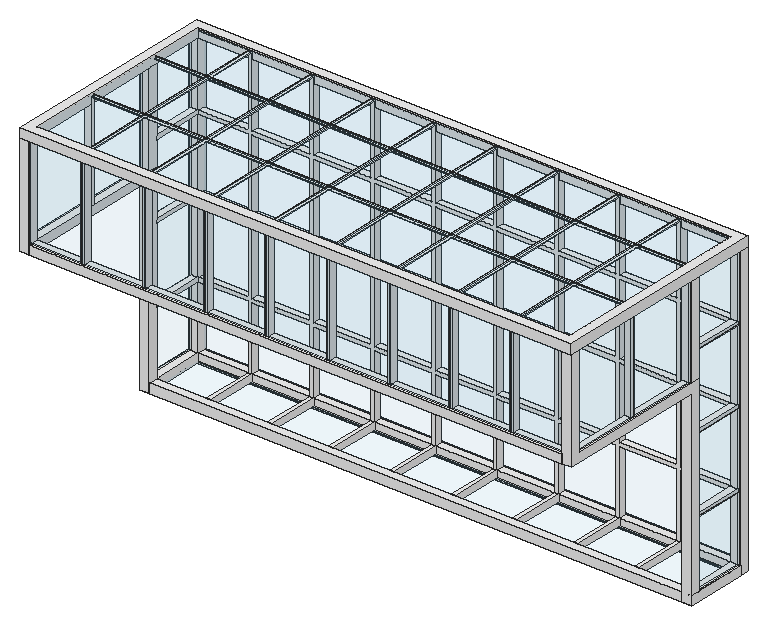
Revit family
Parameters (values of type "Skylight-2")
  창프레임 = ""
  창철물 = ""
  창유리/마감 = ""
  창위치/개소 = ""
  창부호 = "15/ACW"
  창번호 = "15"
  창기호 = "ACW"
  Width = 9000 mm
  유리 = 유리
  프레임 = 프레임(1)
  Assembly Code = ""
Reference planes
  plane 1 "중심(앞/뒤)": y = 1350
  plane 2: z = -3100
  plane 3 "중심(왼쪽/오른쪽)": x = 0
  plane 4: x = 4500
  plane 5: x = -4500
  plane 6: y = -1100
  plane 7: y = 2500
  plane 8: z = 1800
  plane 9: x = -3500
  plane 10: x = -2500
  plane 11: x = -1500
  plane 12: x = -500
  plane 13: x = 500
  plane 14: x = 1500
  plane 15: x = 2500
  plane 16: x = 3500
  plane 17: z = 575
  plane 18: z = -650
  plane 19: z = -1875
  plane 20: y = 1470
  plane 21: y = 200
  plane 22: y = -950
  plane 23: y = 2350
  plane 24: y = 1500
  plane 25: y = 1440
  plane 26: y = 230
  plane 27: y = 170
  plane 28: y = -950
  plane 29: x = -4350
  plane 30: x = -3530
  plane 31: x = -3470
  plane 32: x = -2530
  plane 33: x = -2470
  plane 34: x = -1530
  plane 35: x = -1470
  plane 36: x = -530
  plane 37: x = -470
  plane 38: x = 470
  plane 39: x = 530
  plane 40: x = 1470
  plane 41: x = 1530
  plane 42: x = 2530
  plane 43: x = 2470
  plane 44: x = 3530
  plane 45: x = 3470
  plane 46: x = 4350
  plane 47: z = 1750
  plane 48: z = -2950
  plane 49: z = 605
  plane 50: z = 545
  plane 51: z = -620
  plane 52: z = -680
  plane 53: z = -1845
  plane 54: z = -1905
  plane 55: z = 1785
  plane 56: z = 1760
  plane 57: y = 2485
  plane 58: y = 2460
  plane 59: x = 4485
  plane 60: x = 4460
  plane 61: y = -1085
  plane 62: y = -1060
  plane 63: x = 4350
  plane 64: x = -4350
  plane 65: x = -4485
  plane 66: x = -4460
Forms (mm)
  Sweep 1, solid, material "프레임(1)" <- "프레임"
    path origin (0, 0, 0) x (1, 0, 0) y (0, 1, 0)
      loop
        line (-4500, -1100) -> (4500, -1100) -> (4500, 2500) -> (-4500, 2500) -> (-4500, -1100)
    profile origin (0, -1100, 0) x (0, 1, 0) y (0, 0, 1)
      loop
        line (-0.578, 1800) -> (-0.578, 1650) -> (149.422, 1650) -> (149.422, 1800) -> (-0.578, 1800)
  Extrusion 2, solid, material "프레임(1)" <- "프레임"
    sketch origin (4267.2, 2500.578, 1750) x (1, 0, 0) y (0, -1, 0)
      loop
        line (-7797.2, 150) -> (-7737.2, 150) -> (-7737.2, 1000.578) -> (-6797.2, 1000.578) -> (-6797.2, 150) -> (-6737.2, 150) -> (-6737.2, 1000.578) -> (-5797.2, 1000.578) -> (-5797.2, 150) -> (-5737.2, 150) -> (-5737.2, 1000.578) -> (-4797.2, 1000.578) -> (-4797.2, 150) -> (-4737.2, 150) -> (-4737.2, 1000.578) -> (-3797.2, 1000.578) -> (-3797.2, 150) -> (-3737.2, 150) -> (-3737.2, 1000.578) -> (-2797.2, 1000.578) -> (-2797.2, 150) -> (-2737.2, 150) -> (-2737.2, 1000.578) -> (-1797.2, 1000.578) -> (-1797.2, 150) -> (-1737.2, 150) -> (-1737.2, 1000.578) -> (-797.2, 1000.578) -> (-797.2, 150) -> (-737.2, 150) -> (-737.2, 1000.578) -> (83.378, 1000.578) -> (83.378, 1060.578) -> (-737.2, 1060.578) -> (-737.2, 2270.578) -> (83.378, 2270.578) -> (83.378, 2330.578) -> (-737.2, 2330.578) -> (-737.2, 3451.156) -> (-797.2, 3451.156) -> (-797.2, 2330.578) -> (-1737.2, 2330.578) -> (-1737.2, 3451.156) -> (-1797.2, 3451.156) -> (-1797.2, 2330.578) -> (-2737.2, 2330.578) -> (-2737.2, 3451.156) -> (-2797.2, 3451.156) -> (-2797.2, 2330.578) -> (-3737.2, 2330.578) -> (-3737.2, 3451.156) -> (-3797.2, 3451.156) -> (-3797.2, 2330.578) -> (-4737.2, 2330.578) -> (-4737.2, 3451.156) -> (-4797.2, 3451.156) -> (-4797.2, 2330.578) -> (-5737.2, 2330.578) -> (-5737.2, 3451.156) -> (-5797.2, 3451.156) -> (-5797.2, 2330.578) -> (-6737.2, 2330.578) -> (-6737.2, 3451.156) -> (-6797.2, 3451.156) -> (-6797.2, 2330.578) -> (-7737.2, 2330.578) -> (-7737.2, 3451.156) -> (-7797.2, 3451.156) -> (-7797.2, 2330.578) -> (-8617.778, 2330.578) -> (-8617.778, 2270.578) -> (-7797.2, 2270.578) -> (-7797.2, 1060.578) -> (-8617.778, 1060.578) -> (-8617.778, 1000.578) -> (-7797.2, 1000.578) -> (-7797.2, 150)
      loop
        line (-6797.2, 2270.578) -> (-7737.2, 2270.578) -> (-7737.2, 1060.578) -> (-6797.2, 1060.578) -> (-6797.2, 2270.578)
      loop
        line (-5797.2, 2270.578) -> (-6737.2, 2270.578) -> (-6737.2, 1060.578) -> (-5797.2, 1060.578) -> (-5797.2, 2270.578)
      loop
        line (-4797.2, 2270.578) -> (-5737.2, 2270.578) -> (-5737.2, 1060.578) -> (-4797.2, 1060.578) -> (-4797.2, 2270.578)
      loop
        line (-3797.2, 2270.578) -> (-4737.2, 2270.578) -> (-4737.2, 1060.578) -> (-3797.2, 1060.578) -> (-3797.2, 2270.578)
      loop
        line (-2797.2, 2270.578) -> (-3737.2, 2270.578) -> (-3737.2, 1060.578) -> (-2797.2, 1060.578) -> (-2797.2, 2270.578)
      loop
        line (-1797.2, 2270.578) -> (-2737.2, 2270.578) -> (-2737.2, 1060.578) -> (-1797.2, 1060.578) -> (-1797.2, 2270.578)
      loop
        line (-797.2, 2270.578) -> (-1737.2, 2270.578) -> (-1737.2, 1060.578) -> (-797.2, 1060.578) -> (-797.2, 2270.578)
    from 0 to -10
  Sweep 3, solid, material "프레임(1)" <- "프레임"
    path origin (17974.584, 2500, 2900) x (1, 0, 0) y (0, 0, 1)
      loop
        line (-13474.006, -1150) -> (-13474.006, -6000) -> (-22475.161, -6000) -> (-22475.161, -1150)
    profile origin (4500.578, 2500, -675) x (0, -1, 0) y (1, 0, 0)
      loop
        line (-0.578, 0) -> (-0.578, -150) -> (149.422, -150) -> (149.422, 0) -> (-0.578, 0)
  Extrusion 4, solid, material "프레임(1)" <- "프레임"
    sketch origin (17974.584, 2500, 2900) x (1, 0, 0) y (0, 0, 1)
      loop
        line (-22325.161, -2354.422) -> (-21504.584, -2354.422) -> (-21504.584, -3519.422) -> (-22325.161, -3519.422) -> (-22325.161, -3579.422) -> (-21504.584, -3579.422) -> (-21504.584, -4744.422) -> (-22325.161, -4744.422) -> (-22325.161, -4804.422) -> (-21504.584, -4804.422) -> (-21504.584, -5850) -> (-21444.584, -5850) -> (-21444.584, -4804.422) -> (-20504.584, -4804.422) -> (-20504.584, -5850) -> (-20444.584, -5850) -> (-20444.584, -4804.422) -> (-19504.584, -4804.422) -> (-19504.584, -5850) -> (-19444.584, -5850) -> (-19444.584, -4804.422) -> (-18504.584, -4804.422) -> (-18504.584, -5850) -> (-18444.584, -5850) -> (-18444.584, -4804.422) -> (-17504.584, -4804.422) -> (-17504.584, -5850) -> (-17444.584, -5850) -> (-17444.584, -4804.422) -> (-16504.584, -4804.422) -> (-16504.584, -5850) -> (-16444.584, -5850) -> (-16444.584, -4804.422) -> (-15504.584, -4804.422) -> (-15504.584, -5850) -> (-15444.584, -5850) -> (-15444.584, -4804.422) -> (-14504.584, -4804.422) -> (-14504.584, -5850) -> (-14444.584, -5850) -> (-14444.584, -4804.422) -> (-13624.006, -4804.422) -> (-13624.006, -4744.422) -> (-14444.584, -4744.422) -> (-14444.584, -3579.422) -> (-13624.006, -3579.422) -> (-13624.006, -3519.422) -> (-14444.584, -3519.422) -> (-14444.584, -2354.422) -> (-13624.006, -2354.422) -> (-13624.006, -2295) -> (-14444.584, -2295) -> (-14444.584, -1148.844) -> (-14504.584, -1148.844) -> (-14504.584, -2294.422) -> (-15444.584, -2294.422) -> (-15444.584, -1148.844) -> (-15504.584, -1148.844) -> (-15504.584, -2294.422) -> (-16444.584, -2294.422) -> (-16444.584, -1148.844) -> (-16504.584, -1148.844) -> (-16504.584, -2294.422) -> (-17444.584, -2294.422) -> (-17444.584, -1148.844) -> (-17504.584, -1148.844) -> (-17504.584, -2294.422) -> (-18444.584, -2294.422) -> (-18444.584, -1148.844) -> (-18504.584, -1148.844) -> (-18504.584, -2294.422) -> (-19444.584, -2294.422) -> (-19444.584, -1148.844) -> (-19504.584, -1148.844) -> (-19504.584, -2294.422) -> (-20444.584, -2294.422) -> (-20444.584, -1148.844) -> (-20504.584, -1148.844) -> (-20504.584, -2294.422) -> (-21444.584, -2294.422) -> (-21444.584, -1148.844) -> (-21504.584, -1148.844) -> (-21504.584, -2294.422) -> (-22325.161, -2294.422) -> (-22325.161, -2354.422)
      loop
        line (-15444.584, -4744.422) -> (-14504.584, -4744.422) -> (-14504.584, -3579.422) -> (-15444.584, -3579.422) -> (-15444.584, -4744.422)
      loop
        line (-16444.584, -4744.422) -> (-15504.584, -4744.422) -> (-15504.584, -3579.422) -> (-16444.584, -3579.422) -> (-16444.584, -4744.422)
      loop
        line (-17444.584, -4744.422) -> (-16504.584, -4744.422) -> (-16504.584, -3579.422) -> (-17444.584, -3579.422) -> (-17444.584, -4744.422)
      loop
        line (-18444.584, -4744.422) -> (-17504.584, -4744.422) -> (-17504.584, -3579.422) -> (-18444.584, -3579.422) -> (-18444.584, -4744.422)
      loop
        line (-19444.584, -4744.422) -> (-18504.584, -4744.422) -> (-18504.584, -3579.422) -> (-19444.584, -3579.422) -> (-19444.584, -4744.422)
      loop
        line (-20444.584, -4744.422) -> (-19504.584, -4744.422) -> (-19504.584, -3579.422) -> (-20444.584, -3579.422) -> (-20444.584, -4744.422)
      loop
        line (-21444.584, -4744.422) -> (-20504.584, -4744.422) -> (-20504.584, -3579.422) -> (-21444.584, -3579.422) -> (-21444.584, -4744.422)
      loop
        line (-21444.584, -3519.422) -> (-20504.584, -3519.422) -> (-20504.584, -2354.422) -> (-21444.584, -2354.422) -> (-21444.584, -3519.422)
      loop
        line (-20444.584, -3519.422) -> (-19504.584, -3519.422) -> (-19504.584, -2354.422) -> (-20444.584, -2354.422) -> (-20444.584, -3519.422)
      loop
        line (-19444.584, -3519.422) -> (-18504.584, -3519.422) -> (-18504.584, -2354.422) -> (-19444.584, -2354.422) -> (-19444.584, -3519.422)
      loop
        line (-18444.584, -3519.422) -> (-17504.584, -3519.422) -> (-17504.584, -2354.422) -> (-18444.584, -2354.422) -> (-18444.584, -3519.422)
      loop
        line (-17444.584, -3519.422) -> (-16504.584, -3519.422) -> (-16504.584, -2354.422) -> (-17444.584, -2354.422) -> (-17444.584, -3519.422)
      loop
        line (-16444.584, -3519.422) -> (-15504.584, -3519.422) -> (-15504.584, -2354.422) -> (-16444.584, -2354.422) -> (-16444.584, -3519.422)
      loop
        line (-15444.584, -3519.422) -> (-14504.584, -3519.422) -> (-14504.584, -2354.422) -> (-15444.584, -2354.422) -> (-15444.584, -3519.422)
    from 40 to 150
  Extrusion 5, solid, material "유리" <- "유리"
    sketch origin (4267.2, 2500.578, 1650) x (1, 0, 0) y (0, -1, 0)
      loop
        line (-7767.2, 1030.578) -> (-8617.778, 1030.578) -> (-8617.778, 150.578) -> (-7767.2, 150.578) -> (-7767.2, 1030.578)
    from -135 to -110
  Extrusion 6, solid, material "유리" <- "유리"
    sketch origin (5147.778, -2500.578, 1650) x (-1, 0, 0) y (0, 1, 0)
      loop
        line (7647.778, 3970.578) -> (8647.778, 3970.578) -> (8647.778, 4850.578) -> (7647.778, 4850.578) -> (7647.778, 3970.578)
    from -135 to -110
  Extrusion 7, solid, material "유리" <- "유리"
    sketch origin (6147.778, -2500.578, 1650) x (-1, 0, 0) y (0, 1, 0)
      loop
        line (7647.778, 3970.578) -> (8647.778, 3970.578) -> (8647.778, 4850.578) -> (7647.778, 4850.578) -> (7647.778, 3970.578)
    from -135 to -110
  Extrusion 8, solid, material "유리" <- "유리"
    sketch origin (7147.778, -2500.578, 1650) x (-1, 0, 0) y (0, 1, 0)
      loop
        line (7647.778, 3970.578) -> (8647.778, 3970.578) -> (8647.778, 4850.578) -> (7647.778, 4850.578) -> (7647.778, 3970.578)
    from -135 to -110
  Extrusion 9, solid, material "유리" <- "유리"
    sketch origin (8147.778, -2500.578, 1650) x (-1, 0, 0) y (0, 1, 0)
      loop
        line (7647.778, 3970.578) -> (8647.778, 3970.578) -> (8647.778, 4850.578) -> (7647.778, 4850.578) -> (7647.778, 3970.578)
    from -135 to -110
  Extrusion 10, solid, material "유리" <- "유리"
    sketch origin (9147.778, -2500.578, 1650) x (-1, 0, 0) y (0, 1, 0)
      loop
        line (7647.778, 3970.578) -> (8647.778, 3970.578) -> (8647.778, 4850.578) -> (7647.778, 4850.578) -> (7647.778, 3970.578)
    from -135 to -110
  Extrusion 11, solid, material "유리" <- "유리"
    sketch origin (10147.778, -2500.578, 1650) x (-1, 0, 0) y (0, 1, 0)
      loop
        line (7647.778, 3970.578) -> (8647.778, 3970.578) -> (8647.778, 4850.578) -> (7647.778, 4850.578) -> (7647.778, 3970.578)
    from -135 to -110
  Extrusion 12, solid, material "유리" <- "유리"
    sketch origin (11147.778, -2500.578, 1650) x (-1, 0, 0) y (0, 1, 0)
      loop
        line (7647.778, 3970.578) -> (8647.778, 3970.578) -> (8647.778, 4850.578) -> (7647.778, 4850.578) -> (7647.778, 3970.578)
    from -135 to -110
  Extrusion 13, solid, material "유리" <- "유리"
    sketch origin (-4267.2, 2500.578, 1650) x (1, 0, 0) y (0, -1, 0)
      loop
        line (7767.2, 1030.578) -> (7767.2, 150.578) -> (8617.778, 150.578) -> (8617.778, 1030.578) -> (7767.2, 1030.578)
    from -135 to -110
  Extrusion 14, solid, material "유리" <- "유리"
    sketch origin (4267.2, -650.578, 1650) x (-1, 0, 0) y (0, 1, 0)
      loop
        line (7767.2, 850.578) -> (7767.2, -299.422) -> (8617.778, -299.422) -> (8617.778, 850.578) -> (7767.2, 850.578)
    from -135 to -110
  Extrusion 15, solid, material "유리" <- "유리"
    sketch origin (5147.778, 4350.578, 1650) x (1, 0, 0) y (0, -1, 0)
      loop
        line (-7647.778, 4150.578) -> (-7647.778, 5300.578) -> (-8647.778, 5300.578) -> (-8647.778, 4150.578) -> (-7647.778, 4150.578)
    from -135 to -110
  Extrusion 16, solid, material "유리" <- "유리"
    sketch origin (6147.778, 4350.578, 1650) x (1, 0, 0) y (0, -1, 0)
      loop
        line (-7647.778, 4150.578) -> (-7647.778, 5300.578) -> (-8647.778, 5300.578) -> (-8647.778, 4150.578) -> (-7647.778, 4150.578)
    from -135 to -110
  Extrusion 17, solid, material "유리" <- "유리"
    sketch origin (7147.778, 4350.578, 1650) x (1, 0, 0) y (0, -1, 0)
      loop
        line (-7647.778, 4150.578) -> (-7647.778, 5300.578) -> (-8647.778, 5300.578) -> (-8647.778, 4150.578) -> (-7647.778, 4150.578)
    from -135 to -110
  Extrusion 18, solid, material "유리" <- "유리"
    sketch origin (8147.778, 4350.578, 1650) x (1, 0, 0) y (0, -1, 0)
      loop
        line (-7647.778, 4150.578) -> (-7647.778, 5300.578) -> (-8647.778, 5300.578) -> (-8647.778, 4150.578) -> (-7647.778, 4150.578)
    from -135 to -110
  Extrusion 19, solid, material "유리" <- "유리"
    sketch origin (9147.778, 4350.578, 1650) x (1, 0, 0) y (0, -1, 0)
      loop
        line (-7647.778, 4150.578) -> (-7647.778, 5300.578) -> (-8647.778, 5300.578) -> (-8647.778, 4150.578) -> (-7647.778, 4150.578)
    from -135 to -110
  Extrusion 20, solid, material "유리" <- "유리"
    sketch origin (10147.778, 4350.578, 1650) x (1, 0, 0) y (0, -1, 0)
      loop
        line (-7647.778, 4150.578) -> (-7647.778, 5300.578) -> (-8647.778, 5300.578) -> (-8647.778, 4150.578) -> (-7647.778, 4150.578)
    from -135 to -110
  Extrusion 21, solid, material "유리" <- "유리"
    sketch origin (11147.778, 4350.578, 1650) x (1, 0, 0) y (0, -1, 0)
      loop
        line (-7647.778, 4150.578) -> (-7647.778, 5300.578) -> (-8647.778, 5300.578) -> (-8647.778, 4150.578) -> (-7647.778, 4150.578)
    from -135 to -110
  Extrusion 22, solid, material "유리" <- "유리"
    sketch origin (-4267.2, -650.578, 1650) x (-1, 0, 0) y (0, 1, 0)
      loop
        line (-7767.2, 850.578) -> (-8617.778, 850.578) -> (-8617.778, -299.422) -> (-7767.2, -299.422) -> (-7767.2, 850.578)
    from -135 to -110
  Extrusion 23, solid, material "유리" <- "유리"
    sketch origin (4267.2, 349.422, 1650) x (-1, 0, 0) y (0, 1, 0)
      loop
        line (7767.2, 1120.578) -> (7767.2, -149.422) -> (8617.778, -149.422) -> (8617.778, 1120.578) -> (7767.2, 1120.578)
    from -135 to -110
  Extrusion 24, solid, material "유리" <- "유리"
    sketch origin (5147.778, 5350.578, 1650) x (1, 0, 0) y (0, -1, 0)
      loop
        line (-7647.778, 3880.578) -> (-7647.778, 5150.578) -> (-8647.778, 5150.578) -> (-8647.778, 3880.578) -> (-7647.778, 3880.578)
    from -135 to -110
  Extrusion 25, solid, material "유리" <- "유리"
    sketch origin (6147.778, 5350.578, 1650) x (1, 0, 0) y (0, -1, 0)
      loop
        line (-7647.778, 3880.578) -> (-7647.778, 5150.578) -> (-8647.778, 5150.578) -> (-8647.778, 3880.578) -> (-7647.778, 3880.578)
    from -135 to -110
  Extrusion 26, solid, material "유리" <- "유리"
    sketch origin (7147.778, 5350.578, 1650) x (1, 0, 0) y (0, -1, 0)
      loop
        line (-7647.778, 3880.578) -> (-7647.778, 5150.578) -> (-8647.778, 5150.578) -> (-8647.778, 3880.578) -> (-7647.778, 3880.578)
    from -135 to -110
  Extrusion 27, solid, material "유리" <- "유리"
    sketch origin (8147.778, 5350.578, 1650) x (1, 0, 0) y (0, -1, 0)
      loop
        line (-7647.778, 3880.578) -> (-7647.778, 5150.578) -> (-8647.778, 5150.578) -> (-8647.778, 3880.578) -> (-7647.778, 3880.578)
    from -135 to -110
  Extrusion 28, solid, material "유리" <- "유리"
    sketch origin (9147.778, 5350.578, 1650) x (1, 0, 0) y (0, -1, 0)
      loop
        line (-7647.778, 3880.578) -> (-7647.778, 5150.578) -> (-8647.778, 5150.578) -> (-8647.778, 3880.578) -> (-7647.778, 3880.578)
    from -135 to -110
  Extrusion 29, solid, material "유리" <- "유리"
    sketch origin (10147.778, 5350.578, 1650) x (1, 0, 0) y (0, -1, 0)
      loop
        line (-7647.778, 3880.578) -> (-7647.778, 5150.578) -> (-8647.778, 5150.578) -> (-8647.778, 3880.578) -> (-7647.778, 3880.578)
    from -135 to -110
  Extrusion 30, solid, material "유리" <- "유리"
    sketch origin (11147.778, 5350.578, 1650) x (1, 0, 0) y (0, -1, 0)
      loop
        line (-7647.778, 3880.578) -> (-7647.778, 5150.578) -> (-8647.778, 5150.578) -> (-8647.778, 3880.578) -> (-7647.778, 3880.578)
    from -135 to -110
  Extrusion 31, solid, material "유리" <- "유리"
    sketch origin (-4267.2, 349.422, 1650) x (-1, 0, 0) y (0, 1, 0)
      loop
        line (-7767.2, 1120.578) -> (-8617.778, 1120.578) -> (-8617.778, -149.422) -> (-7767.2, -149.422) -> (-7767.2, 1120.578)
    from -135 to -110
  Extrusion 32, solid, material "유리" <- "유리"
    sketch origin (4267.2, 2485, -3404.8) x (0, 0, -1) y (1, 0, 0)
      loop
        line (-5054.8, 83.378) -> (-5054.8, -767.2) -> (-3979.8, -767.2) -> (-3979.8, 83.378) -> (-5054.8, 83.378)
    from 0 to 25
  Extrusion 33, solid, material "유리" <- "유리"
    sketch origin (3416.622, 2485, -3404.8) x (0, 0, -1) y (1, 0, 0)
      loop
        line (-5154.8, 83.378) -> (-5154.8, -916.622) -> (-3979.8, -916.622) -> (-3979.8, 83.378) -> (-5154.8, 83.378)
    from 0 to 25
  Extrusion 34, solid, material "유리" <- "유리"
    sketch origin (2416.622, 2485, -3404.8) x (0, 0, -1) y (1, 0, 0)
      loop
        line (-5154.8, 83.378) -> (-5154.8, -916.622) -> (-3979.8, -916.622) -> (-3979.8, 83.378) -> (-5154.8, 83.378)
    from 0 to 25
  Extrusion 35, solid, material "유리" <- "유리"
    sketch origin (1416.622, 2485, -3404.8) x (0, 0, -1) y (1, 0, 0)
      loop
        line (-5154.8, 83.378) -> (-5154.8, -916.622) -> (-3979.8, -916.622) -> (-3979.8, 83.378) -> (-5154.8, 83.378)
    from 0 to 25
  Extrusion 36, solid, material "유리" <- "유리"
    sketch origin (416.622, 2485, -3404.8) x (0, 0, -1) y (1, 0, 0)
      loop
        line (-5154.8, 83.378) -> (-5154.8, -916.622) -> (-3979.8, -916.622) -> (-3979.8, 83.378) -> (-5154.8, 83.378)
    from 0 to 25
  Extrusion 37, solid, material "유리" <- "유리"
    sketch origin (-583.378, 2485, -3404.8) x (0, 0, -1) y (1, 0, 0)
      loop
        line (-5154.8, 83.378) -> (-5154.8, -916.622) -> (-3979.8, -916.622) -> (-3979.8, 83.378) -> (-5154.8, 83.378)
    from 0 to 25
  Extrusion 38, solid, material "유리" <- "유리"
    sketch origin (-1583.378, 2485, -3404.8) x (0, 0, -1) y (1, 0, 0)
      loop
        line (-5154.8, 83.378) -> (-5154.8, -916.622) -> (-3979.8, -916.622) -> (-3979.8, 83.378) -> (-5154.8, 83.378)
    from 0 to 25
  Extrusion 39, solid, material "유리" <- "유리"
    sketch origin (-2583.378, 2485, -3404.8) x (0, 0, -1) y (1, 0, 0)
      loop
        line (-5154.8, 83.378) -> (-5154.8, -916.622) -> (-3979.8, -916.622) -> (-3979.8, 83.378) -> (-5154.8, 83.378)
    from 0 to 25
  Extrusion 40, solid, material "유리" <- "유리"
    sketch origin (-3583.378, 2485, -3404.8) x (0, 0, -1) y (1, 0, 0)
      loop
        line (-5154.8, 83.378) -> (-5154.8, -767.2) -> (-3979.8, -767.2) -> (-3979.8, 83.378) -> (-5154.8, 83.378)
    from 0 to 25
  Extrusion 41, solid, material "유리" <- "유리"
    sketch origin (3416.622, 2485, 2205.956) x (0, 0, 1) y (-1, 0, 0)
      loop
        line (-5154.8, -83.378) -> (-4079.8, -83.378) -> (-4079.8, 916.622) -> (-5154.8, 916.622) -> (-5154.8, -83.378)
    from 0 to 25
  Extrusion 42, solid, material "유리" <- "유리"
    sketch origin (2416.622, 2485, 2205.956) x (0, 0, 1) y (-1, 0, 0)
      loop
        line (-5154.8, -83.378) -> (-4079.8, -83.378) -> (-4079.8, 916.622) -> (-5154.8, 916.622) -> (-5154.8, -83.378)
    from 0 to 25
  Extrusion 43, solid, material "유리" <- "유리"
    sketch origin (1416.622, 2485, 2205.956) x (0, 0, 1) y (-1, 0, 0)
      loop
        line (-5154.8, -83.378) -> (-4079.8, -83.378) -> (-4079.8, 916.622) -> (-5154.8, 916.622) -> (-5154.8, -83.378)
    from 0 to 25
  Extrusion 44, solid, material "유리" <- "유리"
    sketch origin (416.622, 2485, 2205.956) x (0, 0, 1) y (-1, 0, 0)
      loop
        line (-5154.8, -83.378) -> (-4079.8, -83.378) -> (-4079.8, 916.622) -> (-5154.8, 916.622) -> (-5154.8, -83.378)
    from 0 to 25
  Extrusion 45, solid, material "유리" <- "유리"
    sketch origin (-583.378, 2485, 2205.956) x (0, 0, 1) y (-1, 0, 0)
      loop
        line (-5154.8, -83.378) -> (-4079.8, -83.378) -> (-4079.8, 916.622) -> (-5154.8, 916.622) -> (-5154.8, -83.378)
    from 0 to 25
  Extrusion 46, solid, material "유리" <- "유리"
    sketch origin (-1583.378, 2485, 2205.956) x (0, 0, 1) y (-1, 0, 0)
      loop
        line (-5154.8, -83.378) -> (-4079.8, -83.378) -> (-4079.8, 916.622) -> (-5154.8, 916.622) -> (-5154.8, -83.378)
    from 0 to 25
  Extrusion 47, solid, material "유리" <- "유리"
    sketch origin (-2583.378, 2485, 2205.956) x (0, 0, 1) y (-1, 0, 0)
      loop
        line (-5154.8, -83.378) -> (-4079.8, -83.378) -> (-4079.8, 916.622) -> (-5154.8, 916.622) -> (-5154.8, -83.378)
    from 0 to 25
  Extrusion 48, solid, material "유리" <- "유리"
    sketch origin (-3583.378, 2485, 2205.956) x (0, 0, 1) y (-1, 0, 0)
      loop
        line (-5154.8, -83.378) -> (-4079.8, -83.378) -> (-4079.8, 767.2) -> (-5154.8, 767.2) -> (-5154.8, -83.378)
    from 0 to 25
  Extrusion 49, solid, material "유리" <- "유리"
    sketch origin (4267.2, 2485, 2204.8) x (0, 0, 1) y (-1, 0, 0)
      loop
        line (-5154.8, -83.378) -> (-4079.8, -83.378) -> (-4079.8, 767.2) -> (-5154.8, 767.2) -> (-5154.8, -83.378)
    from 0 to 25
  Extrusion 50, solid, material "유리" <- "유리"
    sketch origin (3416.622, 2485, 3057.112) x (0, 0, 1) y (-1, 0, 0)
      loop
        line (-4929.8, -83.378) -> (-3707.112, -83.378) -> (-3707.112, 916.622) -> (-4929.8, 916.622) -> (-4929.8, -83.378)
    from 0 to 25
  Extrusion 51, solid, material "유리" <- "유리"
    sketch origin (2416.622, 2485, 3057.112) x (0, 0, 1) y (-1, 0, 0)
      loop
        line (-4929.8, -83.378) -> (-3707.112, -83.378) -> (-3707.112, 916.622) -> (-4929.8, 916.622) -> (-4929.8, -83.378)
    from 0 to 25
  Extrusion 52, solid, material "유리" <- "유리"
    sketch origin (1416.622, 2485, 3057.112) x (0, 0, 1) y (-1, 0, 0)
      loop
        line (-4929.8, -83.378) -> (-3707.112, -83.378) -> (-3707.112, 916.622) -> (-4929.8, 916.622) -> (-4929.8, -83.378)
    from 0 to 25
  Extrusion 53, solid, material "유리" <- "유리"
    sketch origin (416.622, 2485, 3057.112) x (0, 0, 1) y (-1, 0, 0)
      loop
        line (-4929.8, -83.378) -> (-3707.112, -83.378) -> (-3707.112, 916.622) -> (-4929.8, 916.622) -> (-4929.8, -83.378)
    from 0 to 25
  Extrusion 54, solid, material "유리" <- "유리"
    sketch origin (-583.378, 2485, 3057.112) x (0, 0, 1) y (-1, 0, 0)
      loop
        line (-4929.8, -83.378) -> (-3707.112, -83.378) -> (-3707.112, 916.622) -> (-4929.8, 916.622) -> (-4929.8, -83.378)
    from 0 to 25
  Extrusion 55, solid, material "유리" <- "유리"
    sketch origin (-1583.378, 2485, 3057.112) x (0, 0, 1) y (-1, 0, 0)
      loop
        line (-4929.8, -83.378) -> (-3707.112, -83.378) -> (-3707.112, 916.622) -> (-4929.8, 916.622) -> (-4929.8, -83.378)
    from 0 to 25
  Extrusion 56, solid, material "유리" <- "유리"
    sketch origin (-2583.378, 2485, 3057.112) x (0, 0, 1) y (-1, 0, 0)
      loop
        line (-4929.8, -83.378) -> (-3707.112, -83.378) -> (-3707.112, 916.622) -> (-4929.8, 916.622) -> (-4929.8, -83.378)
    from 0 to 25
  Extrusion 57, solid, material "유리" <- "유리"
    sketch origin (-3583.378, 2485, 3057.112) x (0, 0, 1) y (-1, 0, 0)
      loop
        line (-4929.8, -83.378) -> (-3707.112, -83.378) -> (-3707.112, 767.2) -> (-4929.8, 767.2) -> (-4929.8, -83.378)
    from 0 to 25
  Extrusion 58, solid, material "유리" <- "유리"
    sketch origin (4267.2, 2485, 3055.956) x (0, 0, 1) y (-1, 0, 0)
      loop
        line (-4929.8, -83.378) -> (-3705.956, -83.378) -> (-3705.956, 767.2) -> (-4929.8, 767.2) -> (-4929.8, -83.378)
    from 0 to 25
  Extrusion 59, solid, material "유리" <- "유리"
    sketch origin (3416.622, 2485, 4055.956) x (0, 0, 1) y (-1, 0, 0)
      loop
        line (-4704.8, -83.378) -> (-3482.112, -83.378) -> (-3482.112, 916.622) -> (-4704.8, 916.622) -> (-4704.8, -83.378)
    from 0 to 25
  Extrusion 60, solid, material "유리" <- "유리"
    sketch origin (2416.622, 2485, 4055.956) x (0, 0, 1) y (-1, 0, 0)
      loop
        line (-4704.8, -83.378) -> (-3482.112, -83.378) -> (-3482.112, 916.622) -> (-4704.8, 916.622) -> (-4704.8, -83.378)
    from 0 to 25
  Extrusion 61, solid, material "유리" <- "유리"
    sketch origin (1416.622, 2485, 4055.956) x (0, 0, 1) y (-1, 0, 0)
      loop
        line (-4704.8, -83.378) -> (-3482.112, -83.378) -> (-3482.112, 916.622) -> (-4704.8, 916.622) -> (-4704.8, -83.378)
    from 0 to 25
  Extrusion 62, solid, material "유리" <- "유리"
    sketch origin (416.622, 2485, 4055.956) x (0, 0, 1) y (-1, 0, 0)
      loop
        line (-4704.8, -83.378) -> (-3482.112, -83.378) -> (-3482.112, 916.622) -> (-4704.8, 916.622) -> (-4704.8, -83.378)
    from 0 to 25
  Extrusion 63, solid, material "유리" <- "유리"
    sketch origin (-583.378, 2485, 4055.956) x (0, 0, 1) y (-1, 0, 0)
      loop
        line (-4704.8, -83.378) -> (-3482.112, -83.378) -> (-3482.112, 916.622) -> (-4704.8, 916.622) -> (-4704.8, -83.378)
    from 0 to 25
  Extrusion 64, solid, material "유리" <- "유리"
    sketch origin (-1583.378, 2485, 4055.956) x (0, 0, 1) y (-1, 0, 0)
      loop
        line (-4704.8, -83.378) -> (-3482.112, -83.378) -> (-3482.112, 916.622) -> (-4704.8, 916.622) -> (-4704.8, -83.378)
    from 0 to 25
  Extrusion 65, solid, material "유리" <- "유리"
    sketch origin (-2583.378, 2485, 4055.956) x (0, 0, 1) y (-1, 0, 0)
      loop
        line (-4704.8, -83.378) -> (-3482.112, -83.378) -> (-3482.112, 916.622) -> (-4704.8, 916.622) -> (-4704.8, -83.378)
    from 0 to 25
  Extrusion 66, solid, material "유리" <- "유리"
    sketch origin (-3583.378, 2485, 4055.956) x (0, 0, 1) y (-1, 0, 0)
      loop
        line (-4704.8, -83.378) -> (-3482.112, -83.378) -> (-3482.112, 767.2) -> (-4704.8, 767.2) -> (-4704.8, -83.378)
    from 0 to 25
  Extrusion 67, solid, material "유리" <- "유리"
    sketch origin (4267.2, 2485, 4054.8) x (0, 0, 1) y (-1, 0, 0)
      loop
        line (-4704.8, -83.378) -> (-3480.956, -83.378) -> (-3480.956, 767.2) -> (-4704.8, 767.2) -> (-4704.8, -83.378)
    from 0 to 25
  Sweep 68, solid, material "프레임(1)" <- "프레임"
    path origin (4500, 12490.098, -1900) x (0, 1, 0) y (0, 0, 1)
      loop
        line (-10139.52, -1200) -> (-11140.098, -1200) -> (-11140.098, 1900) -> (-13590.098, 1900) -> (-13590.098, 3550)
    profile origin (4500, 1850.289, -3100) x (0, 0, -1) y (1, 0, 0)
      loop
        line (0, 0.578) -> (-150, 0.578) -> (-150, -149.422) -> (0, -149.422) -> (0, 0.578)
  Sweep 69, solid, material "프레임(1)" <- "프레임"
    path origin (-4351.156, 12490.098, -1900) x (0, 1, 0) y (0, 0, 1)
      loop
        line (-10139.52, -1200) -> (-11140.098, -1200) -> (-11140.098, 1900) -> (-13590.098, 1900) -> (-13590.098, 3550)
    profile origin (-4351.156, 1850.289, -3100) x (0, 0, -1) y (1, 0, 0)
      loop
        line (0, 0.578) -> (-150, 0.578) -> (-150, -148.844) -> (0, -148.844) -> (0, 0.578)
  Extrusion 70, solid, material "프레임(1)" <- "프레임"
    sketch origin (4500.578, -2500.578, 1205) x (0, 1, 0) y (0, 0, 1)
      loop
        line (1400.578, -1205) -> (1550.578, -1205) -> (1550.578, -1055) -> (1400.578, -1055) -> (1400.578, -1205)
    from -150.578 to -8850.578
  Extrusion 71, solid, material "프레임(1)" <- "프레임"
    sketch origin (4500, 12490.098, -1900) x (0, 1, 0) y (0, 0, 1)
      loop
        line (-10990.098, -5) -> (-10140.098, -5) -> (-10140.098, 55.578) -> (-10990.098, 55.578) -> (-10990.098, -5)
      loop
        line (-10990.098, 1220) -> (-10140.098, 1220) -> (-10140.098, 1280.578) -> (-10990.098, 1280.578) -> (-10990.098, 1220)
      loop
        line (-10990.098, 2445) -> (-10140.098, 2445) -> (-10140.098, 2505.578) -> (-10990.098, 2505.578) -> (-10990.098, 2445)
    from -40 to -150
  Extrusion 72, solid, material "프레임(1)" <- "프레임"
    sketch origin (4460, -1524, 3591.672) x (0, 0, 1) y (0, -1, 0)
      loop
        line (-3441.672, -1694) -> (-3441.672, -1754) -> (-1841.672, -1754) -> (-1841.672, -1694) -> (-3441.672, -1694)
    from 0 to -109.422
  Extrusion 73, solid, material "유리" <- "유리"
    sketch origin (4460, 326, 3591.672) x (0, 0, 1) y (0, -1, 0)
      loop
        line (-3441.672, 1276) -> (-3441.672, 126) -> (-1941.672, 126) -> (-1941.672, 1276) -> (-3441.672, 1276)
    from 0 to 25
  Extrusion 74, solid, material "유리" <- "유리"
    sketch origin (4460, 1326, 3591.672) x (0, 0, 1) y (0, -1, 0)
      loop
        line (-3441.672, 1126) -> (-3441.672, -24) -> (-1941.672, -24) -> (-1941.672, 1126) -> (-3441.672, 1126)
    from 0 to 25
  Extrusion 75, solid, material "유리" <- "유리"
    sketch origin (4460, 1524, 3591.672) x (0, 0, 1) y (0, -1, 0)
      loop
        line (-3016.672, -826) -> (-1841.672, -826) -> (-1841.672, 54) -> (-3016.672, 54) -> (-3016.672, -826)
    from 0 to 25
  Extrusion 76, solid, material "유리" <- "유리"
    sketch origin (4460, 1524, 1741.672) x (0, 0, 1) y (0, -1, 0)
      loop
        line (-2391.961, -826) -> (-1166.672, -826) -> (-1166.672, 24) -> (-2391.961, 24) -> (-2391.961, -826)
    from 0 to 25
  Extrusion 77, solid, material "유리" <- "유리"
    sketch origin (4460, 1524, 741.383) x (0, 0, 1) y (0, -1, 0)
      loop
        line (-2616.961, -826) -> (-1391.672, -826) -> (-1391.672, 24) -> (-2616.961, 24) -> (-2616.961, -826)
    from 0 to 25
  Extrusion 78, solid, material "유리" <- "유리"
    sketch origin (4460, 1524, -258.906) x (0, 0, 1) y (0, -1, 0)
      loop
        line (-2691.094, -826) -> (-1616.672, -826) -> (-1616.672, 24) -> (-2691.094, 24) -> (-2691.094, -826)
    from 0 to 25
  Extrusion 79, solid, material "프레임(1)" <- "프레임"
    sketch origin (-4500, 12490.098, -1900) x (0, 1, 0) y (0, 0, -1)
      loop
        line (-10990.098, 5) -> (-10990.098, -55.578) -> (-10140.098, -55.578) -> (-10140.098, 5) -> (-10990.098, 5)
      loop
        line (-10990.098, -1220) -> (-10990.098, -1280.578) -> (-10140.098, -1280.578) -> (-10140.098, -1220) -> (-10990.098, -1220)
      loop
        line (-10990.098, -2445) -> (-10990.098, -2505.578) -> (-10140.098, -2505.578) -> (-10140.098, -2445) -> (-10990.098, -2445)
    from -40 to -150
  Extrusion 80, solid, material "프레임(1)" <- "프레임"
    sketch origin (-4460, -1524, 3591.672) x (0, 0, 1) y (0, 1, 0)
      loop
        line (-3441.672, 1694) -> (-1841.672, 1694) -> (-1841.672, 1754) -> (-3441.672, 1754) -> (-3441.672, 1694)
    from 0 to -110
  Extrusion 81, solid, material "유리" <- "유리"
    sketch origin (-4460, 326, 3591.672) x (0, 0, 1) y (0, 1, 0)
      loop
        line (-3441.672, -1276) -> (-1941.672, -1276) -> (-1941.672, -126) -> (-3441.672, -126) -> (-3441.672, -1276)
    from 0 to 25
  Extrusion 82, solid, material "유리" <- "유리"
    sketch origin (-4460, 1326, 3591.672) x (0, 0, 1) y (0, 1, 0)
      loop
        line (-3441.672, -1126) -> (-1941.672, -1126) -> (-1941.672, 24) -> (-3441.672, 24) -> (-3441.672, -1126)
    from 0 to 25
  Extrusion 83, solid, material "유리" <- "유리"
    sketch origin (-4460, 1524, 3591.672) x (0, 0, 1) y (0, 1, 0)
      loop
        line (-3016.672, 826) -> (-3016.672, -24) -> (-1841.672, -24) -> (-1841.672, 826) -> (-3016.672, 826)
    from 0 to 25
  Extrusion 84, solid, material "유리" <- "유리"
    sketch origin (-4460, 1524, 1741.672) x (0, 0, 1) y (0, 1, 0)
      loop
        line (-2391.961, 826) -> (-2391.961, -24) -> (-1166.672, -24) -> (-1166.672, 826) -> (-2391.961, 826)
    from 0 to 25
  Extrusion 85, solid, material "유리" <- "유리"
    sketch origin (-4460, 1524, 741.383) x (0, 0, 1) y (0, 1, 0)
      loop
        line (-2616.961, 826) -> (-2616.961, -24) -> (-1391.672, -24) -> (-1391.672, 826) -> (-2616.961, 826)
    from 0 to 25
  Extrusion 86, solid, material "유리" <- "유리"
    sketch origin (-4460, 1524, -258.906) x (0, 0, 1) y (0, 1, 0)
      loop
        line (-2691.094, 826) -> (-2691.094, -24) -> (-1616.672, -24) -> (-1616.672, 826) -> (-2691.094, 826)
    from 0 to 25
  Extrusion 87, solid, material "프레임(1)" <- "프레임"
    sketch origin (17974.584, -1060, 2900) x (1, 0, 0) y (0, 0, 1)
      loop
        line (-21504.584, -2750) -> (-21444.584, -2750) -> (-21444.584, -1148.844) -> (-21504.584, -1148.844) -> (-21504.584, -2750)
      loop
        line (-20504.584, -2750) -> (-20444.584, -2750) -> (-20444.584, -1148.844) -> (-20504.584, -1148.844) -> (-20504.584, -2750)
      loop
        line (-19504.584, -2750) -> (-19444.584, -2750) -> (-19444.584, -1150) -> (-19504.584, -1150) -> (-19504.584, -2750)
      loop
        line (-18504.584, -2750) -> (-18444.584, -2750) -> (-18444.584, -1148.844) -> (-18504.584, -1148.844) -> (-18504.584, -2750)
      loop
        line (-17504.584, -2750) -> (-17444.584, -2750) -> (-17444.584, -1148.844) -> (-17504.584, -1148.844) -> (-17504.584, -2750)
      loop
        line (-16504.584, -2750) -> (-16444.584, -2750) -> (-16444.584, -1148.844) -> (-16504.584, -1148.844) -> (-16504.584, -2750)
      loop
        line (-15504.584, -2750) -> (-15444.584, -2750) -> (-15444.584, -1150) -> (-15504.584, -1150) -> (-15504.584, -2750)
      loop
        line (-14504.584, -2750) -> (-14444.584, -2750) -> (-14444.584, -1148.844) -> (-14504.584, -1148.844) -> (-14504.584, -2750)
    from 0 to -110
  Extrusion 88, solid, material "유리" <- "유리"
    sketch origin (17974.584, -1085, 2900) x (1, 0, 0) y (0, 0, 1)
      loop
        line (-22324.584, -2750) -> (-21474.584, -2750) -> (-21474.584, -1250) -> (-22324.584, -1250) -> (-22324.584, -2750)
    from 0 to -25
  Extrusion 89, solid, material "유리" <- "유리"
    sketch origin (18825.161, -1085, 2900) x (1, 0, 0) y (0, 0, 1)
      loop
        line (-22325.161, -2750) -> (-21325.161, -2750) -> (-21325.161, -1250) -> (-22325.161, -1250) -> (-22325.161, -2750)
    from 0 to -25
  Extrusion 90, solid, material "유리" <- "유리"
    sketch origin (19825.161, -1085, 2900) x (1, 0, 0) y (0, 0, 1)
      loop
        line (-22325.161, -2750) -> (-21325.161, -2750) -> (-21325.161, -1250) -> (-22325.161, -1250) -> (-22325.161, -2750)
    from 0 to -25
  Extrusion 91, solid, material "유리" <- "유리"
    sketch origin (20825.161, -1085, 2900) x (1, 0, 0) y (0, 0, 1)
      loop
        line (-22325.161, -2750) -> (-21325.161, -2750) -> (-21325.161, -1250) -> (-22325.161, -1250) -> (-22325.161, -2750)
    from 0 to -25
  Extrusion 92, solid, material "유리" <- "유리"
    sketch origin (21825.161, -1085, 2900) x (1, 0, 0) y (0, 0, 1)
      loop
        line (-22325.161, -2750) -> (-21325.161, -2750) -> (-21325.161, -1250) -> (-22325.161, -1250) -> (-22325.161, -2750)
    from 0 to -25
  Extrusion 93, solid, material "유리" <- "유리"
    sketch origin (22825.161, -1085, 2900) x (1, 0, 0) y (0, 0, 1)
      loop
        line (-22325.161, -2750) -> (-21325.161, -2750) -> (-21325.161, -1250) -> (-22325.161, -1250) -> (-22325.161, -2750)
    from 0 to -25
  Extrusion 94, solid, material "유리" <- "유리"
    sketch origin (23825.161, -1085, 2900) x (1, 0, 0) y (0, 0, 1)
      loop
        line (-22325.161, -2750) -> (-21325.161, -2750) -> (-21325.161, -1250) -> (-22325.161, -1250) -> (-22325.161, -2750)
    from 0 to -25
  Extrusion 95, solid, material "유리" <- "유리"
    sketch origin (24825.161, -1085, 2900) x (1, 0, 0) y (0, 0, 1)
      loop
        line (-22325.161, -2750) -> (-21325.161, -2750) -> (-21325.161, -1250) -> (-22325.161, -1250) -> (-22325.161, -2750)
    from 0 to -25
  Extrusion 96, solid, material "유리" <- "유리"
    sketch origin (-17974.584, -1085, 2900) x (-1, 0, 0) y (0, 0, -1)
      loop
        line (-22325.161, 2750) -> (-22325.161, 1250) -> (-21474.584, 1250) -> (-21474.584, 2750) -> (-22325.161, 2750)
    from 0 to -25
  Extrusion 97, solid, material "프레임(1)" <- "프레임"
    sketch origin (0, 0, -3100) x (1, 0, 0) y (0, 1, 0)
      loop
        line (-4500.578, 1350) -> (4500.578, 1350) -> (4500.578, 2350) -> (4350, 2350) -> (4350, 1500) -> (-4350.578, 1500) -> (-4350.578, 2350) -> (-4500.578, 2350) -> (-4500.578, 1350)
    from 0 to 150
  Extrusion 98, solid, material "프레임(1)" <- "프레임"
    sketch origin (0, 0, -3100) x (1, 0, 0) y (0, 1, 0)
      loop
        line (-3530, 2350) -> (-3530, 1500) -> (-3470, 1500) -> (-3470, 2350) -> (-3530, 2350)
      loop
        line (-2530, 2350) -> (-2530, 1500) -> (-2470, 1500) -> (-2470, 2350) -> (-2530, 2350)
      loop
        line (-1530, 2350) -> (-1530, 1500) -> (-1470, 1500) -> (-1470, 2350) -> (-1530, 2350)
      loop
        line (-530, 2350) -> (-530, 1500) -> (-470, 1500) -> (-470, 2350) -> (-530, 2350)
      loop
        line (470, 2350) -> (470, 1500) -> (530, 1500) -> (530, 2350) -> (470, 2350)
      loop
        line (1470, 2350) -> (1470, 1500) -> (1530, 1500) -> (1530, 2350) -> (1470, 2350)
      loop
        line (2470, 2350) -> (2470, 1500) -> (2530, 1500) -> (2530, 2350) -> (2470, 2350)
      loop
        line (3470, 2350) -> (3470, 1500) -> (3530, 1500) -> (3530, 2350) -> (3470, 2350)
    from 40 to 150
  Extrusion 99, solid, material "유리" <- "유리"
    sketch origin (0, 0, -3100) x (1, 0, 0) y (0, 1, 0)
      loop
        line (-4350.578, 1500) -> (-3500, 1500) -> (-3500, 2350) -> (-4350.578, 2350) -> (-4350.578, 1500)
    from 15 to 40
  Extrusion 100, solid, material "유리" <- "유리"
    sketch origin (850, 0, -3100) x (1, 0, 0) y (0, 1, 0)
      loop
        line (-4350, 1530) -> (-3350, 1530) -> (-3350, 2350) -> (-4350, 2350) -> (-4350, 1530)
    from 15 to 40
  Extrusion 101, solid, material "유리" <- "유리"
    sketch origin (1850, 0, -3100) x (1, 0, 0) y (0, 1, 0)
      loop
        line (-4350, 1530) -> (-3350, 1530) -> (-3350, 2350) -> (-4350, 2350) -> (-4350, 1530)
    from 15 to 40
  Extrusion 102, solid, material "유리" <- "유리"
    sketch origin (2850, 0, -3100) x (1, 0, 0) y (0, 1, 0)
      loop
        line (-4350, 1530) -> (-3350, 1530) -> (-3350, 2350) -> (-4350, 2350) -> (-4350, 1530)
    from 15 to 40
  Extrusion 103, solid, material "유리" <- "유리"
    sketch origin (3850, 0, -3100) x (1, 0, 0) y (0, 1, 0)
      loop
        line (-4350, 1530) -> (-3350, 1530) -> (-3350, 2350) -> (-4350, 2350) -> (-4350, 1530)
    from 15 to 40
  Extrusion 104, solid, material "유리" <- "유리"
    sketch origin (4850, 0, -3100) x (1, 0, 0) y (0, 1, 0)
      loop
        line (-4350, 1530) -> (-3350, 1530) -> (-3350, 2350) -> (-4350, 2350) -> (-4350, 1530)
    from 15 to 40
  Extrusion 105, solid, material "유리" <- "유리"
    sketch origin (5850, 0, -3100) x (1, 0, 0) y (0, 1, 0)
      loop
        line (-4350, 1530) -> (-3350, 1530) -> (-3350, 2350) -> (-4350, 2350) -> (-4350, 1530)
    from 15 to 40
  Extrusion 106, solid, material "유리" <- "유리"
    sketch origin (6850, 0, -3100) x (1, 0, 0) y (0, 1, 0)
      loop
        line (-4350, 1530) -> (-3350, 1530) -> (-3350, 2350) -> (-4350, 2350) -> (-4350, 1530)
    from 15 to 40
  Extrusion 107, solid, material "유리" <- "유리"
    sketch origin (0, 0, -3100) x (-1, 0, 0) y (0, -1, 0)
      loop
        line (-4350, -1500) -> (-4350, -2350) -> (-3500, -2350) -> (-3500, -1500) -> (-4350, -1500)
    from 15 to 40
  Extrusion 108, solid, material "프레임(1)" <- "프레임"
    sketch origin (-4500, 12490.098, -1680) x (0, 1, 0) y (0, 0, 1)
      loop
        line (-10990.098, 1830) -> (-10990.098, 3330) -> (-11140.098, 3330) -> (-11140.098, 1830) -> (-10990.098, 1830)
    from 0 to 150
  Extrusion 109, solid, material "프레임(1)" <- "프레임"
    sketch origin (4351.156, 12490.098, -1680) x (0, 1, 0) y (0, 0, 1)
      loop
        line (-10990.098, 1830) -> (-10990.098, 3330) -> (-11140.098, 3330) -> (-11140.098, 1830) -> (-10990.098, 1830)
    from -1.156 to 148.844
Lines and regions (mm)
  symbolic lines
    curve 1: line (-4794.422, -1100, 1800) -> (4805.578, -1100, 1800)
    curve 2: line (4500.578, -1100, 2090) -> (4500.578, -1100, -3380)
    curve 3: line (4850, -1100, -3100) -> (-4800, -1100, -3100)
    curve 4: line (-4500, -1100, -3390) -> (-4500, -1100, 2100)
    curve 5: line (4505.578, -1100, 1805) -> (4505.578, -1100, -3105)
    curve 6: line (4495.578, -1100, 1795) -> (4495.578, -1100, -3095)
    curve 7: line (4495.578, -1100, -3095) -> (-4500, -1100, -3095)
    curve 8: line (4505.578, -1100, -3105) -> (-4505, -1100, -3105)
    curve 9: line (-4505, -1100, -3105) -> (-4505, -1100, 1805)
    curve 10: line (-4495, -1100, -3100) -> (-4495, -1100, 1795)
    curve 11: line (-4495, -1100, 1795) -> (4495.578, -1100, 1795)
    curve 12: line (-4505, -1100, 1805) -> (4505.578, -1100, 1805)
Dimensions and locks
  "Width": plane 4 to plane 5
  equal spacing: plane 4, plane 16, plane 15, plane 14, plane 13, plane 12, plane 11, plane 10, plane 9, plane 5
  equal spacing: plane 4, plane 3 "중심(왼쪽/오른쪽)", plane 5
  locked: plane 23 to plane 7 at 150
  plane 25 to plane 20 to plane 24 = 30 mm locked, 30 mm locked
  plane 27 to plane 21 to plane 26 = 30 mm, 30 mm
  locked: plane 6 to plane 28 at 150
  locked: plane 5 to plane 29 at 150
  plane 30 to plane 9 to plane 31 = 30 mm locked, 30 mm locked
  plane 32 to plane 10 to plane 33 = 30 mm locked, 30 mm locked
  plane 34 to plane 11 to plane 35 = 30 mm locked, 30 mm locked
  plane 36 to plane 12 to plane 37 = 30 mm locked, 30 mm locked
  plane 38 to plane 13 to plane 39 = 30 mm locked, 30 mm locked
  plane 40 to plane 14 to plane 41 = 30 mm locked, 30 mm locked
  plane 43 to plane 15 to plane 42 = 30 mm locked, 30 mm locked
  plane 45 to plane 16 to plane 44 = 30 mm locked, 30 mm locked
  locked: plane 46 to plane 4 at 150
  locked: Sweep 1 to Sweep 1 at 150
  plane 53 to plane 19 to plane 54 = 30 mm locked, 30 mm locked
  locked: plane 48 to plane 2 at 150
  plane 51 to plane 18 to plane 52 = 30 mm locked, 30 mm locked
  plane 49 to plane 17 to plane 50 = 30 mm locked, 30 mm locked
  plane 8 to level = 1800 mm
  plane 8 to plane 17 to level to plane 18 to plane 19 = 1225 mm, 575 mm, 650 mm, 1225 mm
  locked: plane 8 to plane 55 at 15
  locked: plane 55 to plane 56 at 25
  plane 58 to plane 57 to plane 7 = 25 mm locked, 15 mm locked
  curve 5 to curve 1 = 300 mm
  curve 4 to curve 3 = 300 mm
  Sweep 69 to curve 4 = 290 mm
  level to Sweep 1 = 1800 mm
  Sweep 1 to plane 2 = 4900 mm
  Sweep 1 to plane 17 to plane 18 to plane 19 to plane 2 = 1225 mm, 1225 mm, 1225 mm, 1225 mm
  plane 24 to plane 7 = 1000 mm
  plane 21 to plane 24 = 1300 mm
  plane 6 to plane 24 = 2600 mm
  plane 6 to plane 21 = 1300 mm
  locked: plane 63 to plane 4 at 150
  locked: plane 59 to plane 4 at 15
  locked: plane 60 to plane 4 at 40
  locked: plane 5 to plane 64 at 150
  locked: plane 5 to plane 65 at 15
  locked: plane 5 to plane 66 at 40
  locked: Sweep 69 sketch curve to Sweep 69 sketch curve at 149.422
  aligned and locked: plane 5 to Sweep 1 sketch curve
  aligned and locked: plane 6 to Sweep 1 sketch curve
  aligned and locked: plane 7 to Sweep 1 sketch curve
  aligned and locked: plane 4 to Sweep 1 sketch curve
  aligned and locked: plane 56 to Extrusion 2
  aligned and locked: Sweep 3 sketch curve to Sweep 1  (x4)
  aligned and locked: plane 55 to Extrusion 5
  aligned and locked: Extrusion 6 to plane 9
  aligned and locked: plane 10 to Extrusion 6
  aligned and locked: Extrusion 32 to Extrusion 4
  aligned and locked: Extrusion 32 to Sweep 1
  aligned and locked: Sweep 68 sketch curve to Sweep 3  (x3)
  aligned and locked: Sweep 3 to Sweep 68 sketch curve
  aligned and locked: plane 49 to Extrusion 4
  aligned and locked: Extrusion 32 to plane 17
  aligned and locked: Extrusion 33 to plane 17
  aligned and locked: Extrusion 34 to plane 17
  aligned and locked: Extrusion 35 to plane 17
  aligned and locked: Extrusion 36 to plane 17
  aligned and locked: Extrusion 37 to plane 17
  aligned and locked: Extrusion 38 to plane 17
  aligned and locked: Extrusion 39 to plane 17
  aligned and locked: Extrusion 40 to plane 17
  aligned and locked: Extrusion 75 to plane 17
  aligned and locked: Extrusion 83 to plane 17
  aligned and locked: level to Sweep 68 sketch curve
  aligned and locked: level to Sweep 69 sketch curve
  aligned and locked: plane 63 to Extrusion 107
  aligned and locked: Extrusion 107 to plane 16
  aligned and locked: plane 16 to Extrusion 106
  aligned and locked: Extrusion 106 to plane 15
  aligned and locked: plane 15 to Extrusion 105
  aligned and locked: Extrusion 105 to plane 14
  aligned and locked: Extrusion 104 to plane 13
  aligned and locked: plane 14 to Extrusion 104
  aligned and locked: Extrusion 103 to plane 12
  aligned and locked: plane 13 to Extrusion 103
  aligned and locked: plane 12 to Extrusion 102
  aligned and locked: Extrusion 102 to plane 11
  aligned and locked: plane 11 to Extrusion 101
  aligned and locked: Extrusion 101 to plane 10
  aligned and locked: Extrusion 100 to plane 9
  aligned and locked: plane 10 to Extrusion 100
  aligned and locked: plane 9 to Extrusion 99
  aligned and locked: Extrusion 40 to Extrusion 99
  aligned and locked: plane 63 to Extrusion 70
  aligned and locked: plane 59 to Extrusion 73
  aligned and locked: Extrusion 73 to plane 60
  aligned and locked: plane 59 to Extrusion 74
  aligned and locked: Extrusion 74 to plane 60
  aligned and locked: plane 4 to Extrusion 109
  aligned and locked: Extrusion 109 to plane 63
  aligned and locked: plane 60 to Extrusion 71
  aligned and locked: plane 59 to Extrusion 75
  aligned and locked: Extrusion 75 to plane 60
  aligned and locked: plane 59 to Extrusion 76
  aligned and locked: Extrusion 76 to plane 60
  aligned and locked: plane 59 to Extrusion 77
  aligned and locked: Extrusion 77 to plane 60
  aligned and locked: plane 59 to Extrusion 78
  aligned and locked: Extrusion 78 to plane 60
  aligned and locked: Extrusion 71 to Extrusion 107
  aligned and locked: Extrusion 32 to Sweep 3
  aligned and locked: plane 64 to Extrusion 88
  aligned and locked: Extrusion 70 to Extrusion 88
  aligned and locked: Sweep 69 sketch curve to plane 5
  aligned and locked: Extrusion 81 to plane 65
  aligned and locked: plane 66 to Extrusion 81
  aligned and locked: Extrusion 80 to plane 66
  aligned and locked: Extrusion 80 to plane 64
  aligned and locked: Extrusion 82 to plane 65
  aligned and locked: plane 66 to Extrusion 82
  aligned and locked: Extrusion 108 to plane 5
  aligned and locked: Extrusion 108 to plane 64
  aligned and locked: Extrusion 79 to plane 66
  aligned and locked: Extrusion 79 to plane 64
  aligned and locked: Extrusion 83 to plane 65
  aligned and locked: plane 66 to Extrusion 83
  aligned and locked: Extrusion 84 to plane 65
  aligned and locked: plane 66 to Extrusion 84
  aligned and locked: Extrusion 85 to plane 65
  aligned and locked: plane 66 to Extrusion 85
  aligned and locked: Extrusion 86 to plane 65
  aligned and locked: plane 66 to Extrusion 86
Automatic sketch dimensions
  Extrusion 100 sketch curve to Extrusion 100 sketch curve = 1000 mm
  Extrusion 100 sketch curve to Extrusion 100 sketch curve = 820 mm
  Extrusion 101 sketch curve to Extrusion 101 sketch curve = 1000 mm
  Extrusion 101 sketch curve to Extrusion 101 sketch curve = 820 mm
  Extrusion 102 sketch curve to Extrusion 102 sketch curve = 1000 mm
  Extrusion 102 sketch curve to Extrusion 102 sketch curve = 820 mm
  Extrusion 103 sketch curve to Extrusion 103 sketch curve = 1000 mm
  Extrusion 103 sketch curve to Extrusion 103 sketch curve = 820 mm
  Extrusion 104 sketch curve to Extrusion 104 sketch curve = 1000 mm
  Extrusion 104 sketch curve to Extrusion 104 sketch curve = 820 mm
  Extrusion 105 sketch curve to Extrusion 105 sketch curve = 1000 mm
  Extrusion 105 sketch curve to Extrusion 105 sketch curve = 820 mm
  Extrusion 106 sketch curve to Extrusion 106 sketch curve = 1000 mm
  Extrusion 106 sketch curve to Extrusion 106 sketch curve = 820 mm
  profile plane to Sweep 1 sketch curve = 0.578 mm
  Sweep 1 sketch curve to profile plane = 149.422 mm
  level to Sweep 1 sketch curve = 1650 mm
  Sweep 1 sketch curve to Sweep 1 sketch curve = 150 mm
  Extrusion 2 sketch curve to plane 25 = 0 mm  (x9)
  Extrusion 2 sketch curve to plane 26 = 0 mm  (x9)
  Extrusion 2 sketch curve to plane 27 = 0 mm  (x9)
  Extrusion 2 sketch curve to plane 24 = 0 mm  (x9)
  Extrusion 2 sketch curve to plane 30 = 0 mm  (x3)
  Extrusion 2 sketch curve to plane 31 = 0 mm  (x3)
  Extrusion 2 sketch curve to plane 32 = 0 mm  (x3)
  Extrusion 2 sketch curve to plane 33 = 0 mm  (x3)
  Extrusion 2 sketch curve to plane 34 = 0 mm  (x3)
  Extrusion 2 sketch curve to plane 35 = 0 mm  (x3)
  Extrusion 2 sketch curve to plane 36 = 0 mm  (x3)
  Extrusion 2 sketch curve to plane 37 = 0 mm  (x3)
  Extrusion 2 sketch curve to plane 38 = 0 mm  (x3)
  Extrusion 2 sketch curve to plane 39 = 0 mm  (x3)
  Extrusion 2 sketch curve to plane 40 = 0 mm  (x3)
  Extrusion 2 sketch curve to plane 41 = 0 mm  (x3)
  Extrusion 2 sketch curve to plane 43 = 0 mm  (x3)
  Extrusion 2 sketch curve to plane 42 = 0 mm  (x3)
  Extrusion 2 sketch curve to plane 45 = 0 mm  (x3)
  Extrusion 2 sketch curve to plane 44 = 0 mm  (x3)
  Extrusion 2 sketch curve to plane 29 = 0.578 mm  (x2)
  plane 46 to Extrusion 2 sketch curve = 0.578 mm  (x2)
  plane 22 to Extrusion 2 sketch curve = 0.578 mm  (x8)
  Extrusion 2 sketch curve to plane 23 = 0.578 mm  (x8)
  Sweep 3 sketch curve to plane 47 = 0 mm  (x2)
  Sweep 3 sketch curve to plane 2 = 0 mm
  Sweep 3 sketch curve to plane 5 = 0.578 mm
  plane 4 to Sweep 3 sketch curve = 0.578 mm
  Extrusion 4 sketch curve to plane 30 = 0 mm  (x4)
  Extrusion 4 sketch curve to plane 31 = 0 mm  (x4)
  Extrusion 4 sketch curve to plane 32 = 0 mm  (x4)
  Extrusion 4 sketch curve to plane 33 = 0 mm  (x4)
  Extrusion 4 sketch curve to plane 34 = 0 mm  (x4)
  Extrusion 4 sketch curve to plane 35 = 0 mm  (x4)
  Extrusion 4 sketch curve to plane 36 = 0 mm  (x4)
  Extrusion 4 sketch curve to plane 37 = 0 mm  (x4)
  Extrusion 4 sketch curve to plane 38 = 0 mm  (x4)
  Extrusion 4 sketch curve to plane 39 = 0 mm  (x4)
  Extrusion 4 sketch curve to plane 40 = 0 mm  (x4)
  Extrusion 4 sketch curve to plane 41 = 0 mm  (x4)
  Extrusion 4 sketch curve to plane 43 = 0 mm  (x4)
  Extrusion 4 sketch curve to plane 42 = 0 mm  (x4)
  Extrusion 4 sketch curve to plane 45 = 0 mm  (x4)
  Extrusion 4 sketch curve to plane 44 = 0 mm  (x4)
  Extrusion 4 sketch curve to plane 49 = 0 mm
  Extrusion 4 sketch curve to plane 48 = 0 mm  (x8)
  Extrusion 4 sketch curve to plane 29 = 0.578 mm  (x3)
  plane 46 to Extrusion 4 sketch curve = 0.578 mm  (x3)
  plane 54 to Extrusion 4 sketch curve = 0.578 mm  (x9)
  plane 53 to Extrusion 4 sketch curve = 0.578 mm  (x9)
  plane 52 to Extrusion 4 sketch curve = 0.578 mm  (x9)
  plane 51 to Extrusion 4 sketch curve = 0.578 mm  (x9)
  plane 50 to Extrusion 4 sketch curve = 0.578 mm  (x9)
  plane 49 to Extrusion 4 sketch curve = 0.578 mm  (x8)
  Extrusion 4 sketch curve to plane 47 = 1.156 mm  (x8)
  Extrusion 5 sketch curve to plane 20 = 0 mm
  Extrusion 5 sketch curve to plane 23 = 0 mm
  Extrusion 5 sketch curve to plane 9 = 0 mm
  Extrusion 5 sketch curve to plane 29 = 0.578 mm
  Extrusion 6 sketch curve to plane 10 = 0 mm
  Extrusion 6 sketch curve to plane 9 = 0 mm
  Extrusion 6 sketch curve to plane 23 = 0 mm
  Extrusion 6 sketch curve to plane 20 = 0 mm
  Extrusion 7 sketch curve to plane 11 = 0 mm
  Extrusion 7 sketch curve to plane 10 = 0 mm
  Extrusion 7 sketch curve to plane 23 = 0 mm
  Extrusion 7 sketch curve to plane 20 = 0 mm
  Extrusion 8 sketch curve to plane 12 = 0 mm
  Extrusion 8 sketch curve to plane 11 = 0 mm
  Extrusion 8 sketch curve to plane 23 = 0 mm
  Extrusion 8 sketch curve to plane 20 = 0 mm
  Extrusion 9 sketch curve to plane 13 = 0 mm
  Extrusion 9 sketch curve to plane 12 = 0 mm
  Extrusion 9 sketch curve to plane 23 = 0 mm
  Extrusion 9 sketch curve to plane 20 = 0 mm
  Extrusion 10 sketch curve to plane 14 = 0 mm
  Extrusion 10 sketch curve to plane 13 = 0 mm
  Extrusion 10 sketch curve to plane 23 = 0 mm
  Extrusion 10 sketch curve to plane 20 = 0 mm
  Extrusion 11 sketch curve to plane 15 = 0 mm
  Extrusion 11 sketch curve to plane 14 = 0 mm
  Extrusion 11 sketch curve to plane 23 = 0 mm
  Extrusion 11 sketch curve to plane 20 = 0 mm
  Extrusion 12 sketch curve to plane 16 = 0 mm
  Extrusion 12 sketch curve to plane 15 = 0 mm
  Extrusion 12 sketch curve to plane 23 = 0 mm
  Extrusion 12 sketch curve to plane 20 = 0 mm
  Extrusion 13 sketch curve to plane 16 = 0 mm
  Extrusion 13 sketch curve to plane 23 = 0 mm
  Extrusion 13 sketch curve to plane 20 = 0 mm
  plane 46 to Extrusion 13 sketch curve = 0.578 mm
  Extrusion 14 sketch curve to plane 9 = 0 mm
  Extrusion 14 sketch curve to plane 22 = 0 mm
  Extrusion 14 sketch curve to plane 21 = 0 mm
  Extrusion 14 sketch curve to plane 29 = 0.578 mm
  Extrusion 15 sketch curve to plane 9 = 0 mm
  Extrusion 15 sketch curve to plane 10 = 0 mm
  Extrusion 15 sketch curve to plane 22 = 0 mm
  Extrusion 15 sketch curve to plane 21 = 0 mm
  Extrusion 16 sketch curve to plane 10 = 0 mm
  Extrusion 16 sketch curve to plane 11 = 0 mm
  Extrusion 16 sketch curve to plane 22 = 0 mm
  Extrusion 16 sketch curve to plane 21 = 0 mm
  Extrusion 17 sketch curve to plane 11 = 0 mm
  Extrusion 17 sketch curve to plane 12 = 0 mm
  Extrusion 17 sketch curve to plane 22 = 0 mm
  Extrusion 17 sketch curve to plane 21 = 0 mm
  Extrusion 18 sketch curve to plane 12 = 0 mm
  Extrusion 18 sketch curve to plane 13 = 0 mm
  Extrusion 18 sketch curve to plane 22 = 0 mm
  Extrusion 18 sketch curve to plane 21 = 0 mm
  Extrusion 19 sketch curve to plane 13 = 0 mm
  Extrusion 19 sketch curve to plane 14 = 0 mm
  Extrusion 19 sketch curve to plane 22 = 0 mm
  Extrusion 19 sketch curve to plane 21 = 0 mm
  Extrusion 20 sketch curve to plane 14 = 0 mm
  Extrusion 20 sketch curve to plane 15 = 0 mm
  Extrusion 20 sketch curve to plane 22 = 0 mm
  Extrusion 20 sketch curve to plane 21 = 0 mm
  Extrusion 21 sketch curve to plane 15 = 0 mm
  Extrusion 21 sketch curve to plane 16 = 0 mm
